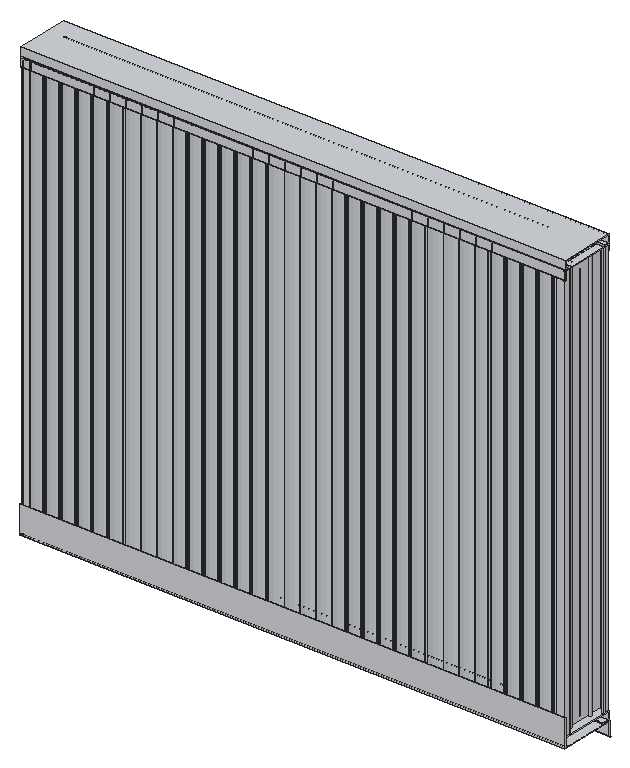
Revit family
Parameters (values of type "00000-Air Balance-013009-Ver1-A667VWD")
  Blade Height = Height - (1 3/32" + 1")  # 45 29/32"
  Blade Array = (Width - (1" * 2)) / 1 3/4"  # 33
  URL = "www.awv.com"
  OmniClass Table 23 Title = "Exterior Louvers and Grilles"
  OmniClass Table 23 Code = "23-30 60 11 17"
  Model = "A62"
  Manufacturer = "Air Balance"
  Height = 48"
  Description = "Stationary Louver"
  Default Sill Height = 36"
  Wall Closure = (empty or 0)
  Width = 60"
  Assembly Code = ""
Reference planes (in)
  plane 1 "Center (Front/Back)": y = 0
  plane 2: z = 0
  plane 3 "Center (Left/Right)": x = 0
  plane 4 "Left": x = -30
  plane 5 "Right": x = 30
  plane 6 "Sill": z = 36
  plane 7 "Top": z = 84
  plane 8: z = 37
  plane 9: z = 82.921
  plane 10: y = 3
  plane 11: y = 2.90046
  plane 12: x = -29
  plane 13: x = 29
Forms (in)
  Sweep 1, solid
    path in 3D
      loop
        line (-30, 3, 82.921) -> (-30, 3, 37)
    profile origin (-30, 3, 59.9605) x (1, 0, 0) y (0, 1, 0)
      loop
        arc (0.922, -1.47946) -> (0.63824, -1.54989) -> (0.72795, -1.82816) r 0.2
        arc (0.72795, -1.82816) -> (0.75335, -1.82822) -> (0.76968, -1.80877) r 0.03
        line (0.76968, -1.80877) -> (0.77787, -1.77824)
        arc (0.77787, -1.77824) -> (0.77635, -1.75839) -> (0.76273, -1.74386) r 0.03
        arc (0.76273, -1.74386) -> (0.75643, -1.55398) -> (0.922, -1.64715) r 0.109
        line (0.922, -1.64715) -> (0.922, -4.35285)
        arc (0.922, -4.35285) -> (0.75643, -4.44602) -> (0.76273, -4.25614) r 0.109
        arc (0.76273, -4.25614) -> (0.77635, -4.24161) -> (0.77787, -4.22176) r 0.03
        line (0.77787, -4.22176) -> (0.76968, -4.19123)
        arc (0.76968, -4.19123) -> (0.75335, -4.17178) -> (0.72795, -4.17184) r 0.03
        arc (0.72795, -4.17184) -> (0.63824, -4.45011) -> (0.922, -4.52054) r 0.2
        line (0.922, -4.52054) -> (0.922, -5.8825) -> (0.203, -5.8825) -> (0.203, -5.3355) -> (0, -5.3355) -> (0, -5.4135) -> (0.125, -5.4135) -> (0.125, -5.9605) -> (1, -5.9605) -> (1, -0.0395) -> (0.125, -0.0395) -> (0.125, -0.5865) -> (0, -0.5865) -> (0, -0.6645) -> (0.203, -0.6645) -> (0.203, -0.1175) -> (0.922, -0.1175) -> (0.922, -1.47946)
  Sweep 2, solid
    path in 3D
      loop
        line (30, 3, 37) -> (30, 3, 82.921)
    profile origin (30, 3, 59.9605) x (0, 1, 0) y (-1, 0, 0)
      loop
        line (-1.47946, 0.922) -> (-0.1175, 0.922) -> (-0.1175, 0.203) -> (-0.6645, 0.203) -> (-0.6645, 0) -> (-0.5865, 0) -> (-0.5865, 0.125) -> (-0.0395, 0.125) -> (-0.0395, 1) -> (-5.9605, 1) -> (-5.9605, 0.125) -> (-5.4135, 0.125) -> (-5.4135, 0) -> (-5.3355, 0) -> (-5.3355, 0.203) -> (-5.8825, 0.203) -> (-5.8825, 0.922) -> (-4.52054, 0.922)
        arc (-4.52054, 0.922) -> (-4.45011, 0.63824) -> (-4.17184, 0.72795) r 0.2
        arc (-4.17184, 0.72795) -> (-4.17178, 0.75335) -> (-4.19123, 0.76968) r 0.03
        line (-4.19123, 0.76968) -> (-4.22176, 0.77787)
        arc (-4.22176, 0.77787) -> (-4.24161, 0.77635) -> (-4.25614, 0.76273) r 0.03
        arc (-4.25614, 0.76273) -> (-4.44602, 0.75643) -> (-4.35285, 0.922) r 0.109
        line (-4.35285, 0.922) -> (-1.64715, 0.922)
        arc (-1.64715, 0.922) -> (-1.55398, 0.75643) -> (-1.74386, 0.76273) r 0.109
        arc (-1.74386, 0.76273) -> (-1.75839, 0.77635) -> (-1.77824, 0.77787) r 0.03
        line (-1.77824, 0.77787) -> (-1.80877, 0.76968)
        arc (-1.80877, 0.76968) -> (-1.82822, 0.75335) -> (-1.82816, 0.72795) r 0.03
        arc (-1.82816, 0.72795) -> (-1.54989, 0.63824) -> (-1.47946, 0.922) r 0.2
  Sweep 3, solid
    path in 3D
      loop
        line (-30, 3, 36) -> (30, 3, 36)
    profile origin (0, 3, 36) x (0, 1, 0) y (0, 0, 1)
      loop
        line (-0.066, 0.921) -> (-0.066, 0.158) -> (-0.785, 0.158)
        arc (-0.785, 0.158) -> (-0.80692, 0.14892) -> (-0.816, 0.127) r 0.031
        line (-0.816, 0.127) -> (-0.816, 0.0385)
        arc (-0.816, 0.0385) -> (-0.7775, 0) -> (-0.739, 0.0385) r 0.0385
        line (-0.739, 0.0385) -> (-0.739, 0.081) -> (-0.019, 0.081)
        arc (-0.019, 0.081) -> (0.00221, 0.08979) -> (0.011, 0.111) r 0.03
        line (0.011, 0.111) -> (0.011, 0.97)
        arc (0.011, 0.97) -> (0.00221, 0.99121) -> (-0.019, 1) r 0.03
        line (-0.019, 1) -> (-5.894, 1) -> (-5.894, 2.50002) -> (-5.989, 2.50002) -> (-5.989, 0.03)
        arc (-5.989, 0.03) -> (-5.98021, 0.00879) -> (-5.959, 0) r 0.03
        line (-5.959, 0) -> (-5.852, 0)
        arc (-5.852, 0) -> (-5.827, 0.025) -> (-5.852, 0.05) r 0.025
        line (-5.852, 0.05) -> (-5.894, 0.05) -> (-5.894, 0.921) -> (-0.066, 0.921)
  Sweep 4, solid
    path in 3D
      loop
        line (-30, 3, 36) -> (30, 3, 36)
    profile origin (0, 3, 36) x (0, 1, 0) y (0, 0, 1)
      loop
        line (0.06, -1.5) -> (0.06, 0) -> (-6, 0) -> (-6, 2.94) -> (-6.06, 2.94) -> (-6.06, -0.06) -> (0, -0.06) -> (0, -1.52485) -> (0.19435, -1.7192) -> (0.23678, -1.67678) -> (0.06, -1.5)
  Sweep 5, solid
    path in 3D
      loop
        line (30, 3, 84) -> (-30, 3, 84)
    profile origin (0, 3, 84) x (0, 1, 0) y (0, 0, -1)
      loop
        line (0, 0.875) -> (-0.547, 0.875) -> (-0.547, 1) -> (-0.625, 1) -> (-0.625, 0.797) -> (-0.078, 0.797) -> (-0.078, 0.078) -> (-5.922, 0.078) -> (-5.922, 0.797) -> (-5.375, 0.797) -> (-5.375, 1) -> (-5.453, 1) -> (-5.453, 0.875) -> (-6, 0.875) -> (-6, 0) -> (0, 0) -> (0, 0.875)
  Sweep 6, solid
    path in 3D
      loop
        line (30, 3, 84) -> (-30, 3, 84)
    profile origin (0, 3, 84) x (0, 1, 0) y (0, 0, -1)
      loop
        line (0.027, 1.03) -> (0.027, 1.5855)
        arc (0.027, 1.5855) -> (-0.0125, 1.625) -> (-0.052, 1.5855) r 0.0395
        line (-0.052, 1.5855) -> (-0.052, 1.079) -> (-5.894, 1.079) -> (-5.894, 1.9605)
        arc (-5.894, 1.9605) -> (-5.9335, 2) -> (-5.973, 1.9605) r 0.0395
        line (-5.973, 1.9605) -> (-5.973, 1.03)
        arc (-5.973, 1.03) -> (-5.96421, 1.00879) -> (-5.943, 1) r 0.03
        line (-5.943, 1) -> (-0.003, 1)
        arc (-0.003, 1) -> (0.01821, 1.00879) -> (0.027, 1.03) r 0.03
Lines and regions (in)
  Opening 1
    outline origin (-60, -3, 0) x (1, 0, 0) y (0, 0, 1)
      loop
        line (30, 84) -> (30, 36) -> (90, 36) -> (90, 84) -> (30, 84)
  sketch lines
    curve 1: line (-30, 3, 82.921) -> (-30, 3, 37)
    curve 2: line (30, 3, 37) -> (30, 3, 82.921)
    curve 3: line (-30, 3, 36) -> (30, 3, 36)
    curve 4: line (-30, 3, 36) -> (30, 3, 36)
    curve 5: line (30, 3, 84) -> (-30, 3, 84)
    curve 6: line (30, 3, 84) -> (-30, 3, 84)
Text (in)
  text "EXTERIOR" at (-58.6888, 50.90694, 0), in view "Ref. Level"
  text "INTERIOR" at (-58.6888, -37.76638, 0), in view "Ref. Level"
  text "Exterior" at (0, 43.65631, 123.19604), in view "Left"
  text "Exterior" at (0, 18.29385, 125.04747), in view "Right"
Dimensions and locks (in)
  equal spacing: plane 4 "Left", plane 3 "Center (Left/Right)", plane 5 "Right"
  "Width": plane 4 "Left" to plane 5 "Right"
  "Height": plane 6 "Sill" to plane 7 "Top"
  "Default Sill Height": plane 2 to plane 6 "Sill"
  plane 4 "Left" to plane 5 "Right" = 60"
  locked: plane 9 to plane 7 "Top" at 1.079
  locked: plane 6 "Sill" to plane 8 at 1
  locked: plane 10 to host wall
  locked: plane 4 "Left" to plane 12 at 1
  locked: plane 13 to plane 5 "Right" at 1
  locked: plane 10 to plane 11 at 0.09954
  equal spacing: group 1, group 2, group 3, group 4, group 5, group 6, group 7, group 8, group 9, group 10, group 11, group 12, group 13, group 14, group 15, group 16, group 17, group 18, group 19, group 20, group 21, group 22, group 23, group 24, group 25, group 26, group 27, group 28, group 29, group 30, group 31, group 32, group 33  (x3)
  aligned and locked: plane 7 "Top" to Opening 1 sketch curve
  aligned and locked: plane 6 "Sill" to Opening 1 sketch curve  (x2)
  aligned and locked: plane 5 "Right" to Opening 1 sketch curve
  aligned and locked: plane 4 "Left" to Opening 1 sketch curve
  aligned and locked: nested 1 to plane 11
  aligned and locked: plane 12 to nested 1
  aligned and locked: nested 2 to nested 1
  aligned and locked: nested 2 to plane 11
  aligned and locked: plane 9 to nested 1
  aligned and locked: plane 9 to nested 2
Automatic sketch dimensions
  Sweep 1 sketch curve to Sweep 1 sketch curve = 0"  (x8)
  Sweep 1 sketch curve to profile plane = 0"  (x2)
  profile plane to Sweep 1 sketch curve = 1/8"  (x2)
  Sweep 1 sketch curve to Sweep 1 sketch curve = 0.078"  (x6)
  profile plane to Sweep 1 sketch curve = 0.72795"  (x2)
  Sweep 1 sketch curve to Sweep 1 sketch curve = 0.01276"  (x2)
  Sweep 1 sketch curve to Sweep 1 sketch curve = 0.00818"  (x2)
  Sweep 1 sketch curve to Sweep 1 sketch curve = 0.01384"  (x2)
  Sweep 1 sketch curve to Sweep 1 sketch curve = 0.02898"  (x4)
  Sweep 1 sketch curve to Sweep 1 sketch curve = 0.05027"  (x2)
  Sweep 1 sketch curve to Sweep 1 sketch curve = 0.109"
  profile plane to Sweep 1 sketch curve = 0.1175"
  Sweep 1 sketch curve to Sweep 1 sketch curve = 0.719"  (x2)
  Sweep 1 sketch curve to Sweep 1 sketch curve = 0.469"
  Sweep 1 sketch curve to Sweep 1 sketch curve = 0.81496"  (x2)
  Sweep 1 sketch curve to Sweep 1 sketch curve = 0.16769"
  Sweep 1 sketch curve to Sweep 1 sketch curve = 2.34368"
  Sweep 1 sketch curve to Sweep 1 sketch curve = 0.01939"
  Sweep 1 sketch curve to Sweep 1 sketch curve = 0.547"
  profile plane to Sweep 1 sketch curve = 0.0395"
  Sweep 2 sketch curve to Sweep 2 sketch curve = 0"  (x8)
  Sweep 2 sketch curve to profile plane = 0"  (x2)
  profile plane to Sweep 2 sketch curve = 1/8"
  profile plane to Sweep 2 sketch curve = 5.9605"
  Sweep 2 sketch curve to Sweep 2 sketch curve = 0.078"  (x6)
  Sweep 2 sketch curve to Sweep 2 sketch curve = 0.469"
  Sweep 2 sketch curve to Sweep 2 sketch curve = 0.81496"
  Sweep 2 sketch curve to Sweep 2 sketch curve = 0.16769"  (x2)
  Sweep 2 sketch curve to Sweep 2 sketch curve = 0.09671"  (x2)
  Sweep 2 sketch curve to Sweep 2 sketch curve = 0.02662"  (x2)
  Sweep 2 sketch curve to Sweep 2 sketch curve = 0.00777"  (x4)
  Sweep 2 sketch curve to Sweep 2 sketch curve = 0.03053"  (x2)
  Sweep 2 sketch curve to Sweep 2 sketch curve = 0.02715"
  profile plane to Sweep 2 sketch curve = 0.72795"
  profile plane to Sweep 2 sketch curve = 1.82816"
  profile plane to Sweep 2 sketch curve = 0.76968"
  Sweep 2 sketch curve to Sweep 2 sketch curve = 0.01939"
  profile plane to Sweep 2 sketch curve = 0.77787"
  profile plane to Sweep 2 sketch curve = 0.203"
  profile plane to Sweep 2 sketch curve = 0.6645"
  profile plane to Sweep 2 sketch curve = 0.1175"
  profile plane to Sweep 2 sketch curve = 0.0395"
  Sweep 2 sketch curve to Sweep 2 sketch curve = 0.19405"
  Sweep 2 sketch curve to Sweep 2 sketch curve = 0.01276"
  Sweep 3 sketch curve to profile plane = 0"
  profile plane to Sweep 3 sketch curve = 2.50002"
  profile plane to Sweep 3 sketch curve = 5.989"
  Sweep 3 sketch curve to Sweep 3 sketch curve = 0.03"
  Sweep 3 sketch curve to Sweep 3 sketch curve = 0.065"
  Sweep 3 sketch curve to Sweep 3 sketch curve = 0.095"
  Sweep 3 sketch curve to Sweep 3 sketch curve = 0.042"
  profile plane to Sweep 3 sketch curve = 0.0385"
  profile plane to Sweep 3 sketch curve = 0.816"
  Sweep 3 sketch curve to Sweep 3 sketch curve = 0.031"
  Sweep 3 sketch curve to Sweep 3 sketch curve = 0.0385"
  profile plane to Sweep 3 sketch curve = 0.066"
  profile plane to Sweep 3 sketch curve = 0.019"  (x2)
  Sweep 3 sketch curve to profile plane = 0.011"
  Sweep 3 sketch curve to Sweep 3 sketch curve = 0.025"
  Sweep 3 sketch curve to Sweep 3 sketch curve = 0.0425"
  Sweep 3 sketch curve to Sweep 3 sketch curve = 0.0885"
  Sweep 3 sketch curve to Sweep 3 sketch curve = 0.871"
  Sweep 3 sketch curve to Sweep 3 sketch curve = 0.049"
  profile plane to Sweep 4 sketch curve = 6.06"
  Sweep 4 sketch curve to Sweep 4 sketch curve = 0"
  Sweep 4 sketch curve to Sweep 4 sketch curve = 0.06"  (x5)
  profile plane to Sweep 4 sketch curve = 0"
  Sweep 4 sketch curve to profile plane = 0"
  Sweep 4 sketch curve to Sweep 4 sketch curve = 0.13435"
  Sweep 4 sketch curve to Sweep 4 sketch curve = 0.04243"  (x2)
  Sweep 4 sketch curve to profile plane = 1.7192"
  Sweep 4 sketch curve to Sweep 4 sketch curve = 1 119/256"
  Sweep 4 sketch curve to Sweep 4 sketch curve = 2.94"
  profile plane to Sweep 5 sketch curve = 6"
  Sweep 5 sketch curve to Sweep 5 sketch curve = 0.078"  (x7)
  Sweep 5 sketch curve to Sweep 5 sketch curve = 0.469"  (x2)
  Sweep 5 sketch curve to Sweep 5 sketch curve = 4 3/4"
  profile plane to Sweep 5 sketch curve = 0"
  Sweep 5 sketch curve to Sweep 5 sketch curve = 0.719"  (x2)
  Sweep 5 sketch curve to Sweep 5 sketch curve = 1/8"  (x2)
  profile plane to Sweep 6 sketch curve = 1.9605"
  profile plane to Sweep 6 sketch curve = 5.973"
  Sweep 6 sketch curve to Sweep 6 sketch curve = 0.03"
  Sweep 6 sketch curve to Sweep 6 sketch curve = 0.0395"
  profile plane to Sweep 6 sketch curve = 0.052"
  profile plane to Sweep 6 sketch curve = 0.0125"
  profile plane to Sweep 6 sketch curve = 0.003"
  profile plane to Sweep 6 sketch curve = 1.5855"
  Sweep 6 sketch curve to Sweep 6 sketch curve = 0.8815"
  Sweep 6 sketch curve to Sweep 6 sketch curve = 0.049"
Nested families (in)
  nested 1: "AA667VWD LOUVER" at (-29, 2.90046, 37.01475), Width <- "Blade Height", type "Family3"
    with Width 45 29/32", Blade Material none
  nested 2: "AA667VWD LOUVER" at (-27.24999, 2.90046, 37.01475), Width <- "Blade Height", type "Family3"
    with Width 45 29/32", Blade Material none
  nested 3: "AA667VWD LOUVER" at (-25.49997, 2.90046, 37.01475), Width <- "Blade Height", type "Family3"
    with Width 45 29/32", Blade Material none
  nested 4: "AA667VWD LOUVER" at (-23.74996, 2.90046, 37.01475), Width <- "Blade Height", type "Family3"
    with Width 45 29/32", Blade Material none
  nested 5: "AA667VWD LOUVER" at (-21.99994, 2.90046, 37.01475), Width <- "Blade Height", type "Family3"
    with Width 45 29/32", Blade Material none
  nested 6: "AA667VWD LOUVER" at (-20.24993, 2.90046, 37.01475), Width <- "Blade Height", type "Family3"
    with Width 45 29/32", Blade Material none
  nested 7: "AA667VWD LOUVER" at (-18.49992, 2.90046, 37.01475), Width <- "Blade Height", type "Family3"
    with Width 45 29/32", Blade Material none
  nested 8: "AA667VWD LOUVER" at (-16.7499, 2.90046, 37.01475), Width <- "Blade Height", type "Family3"
    with Width 45 29/32", Blade Material none
  nested 9: "AA667VWD LOUVER" at (-14.99989, 2.90046, 37.01475), Width <- "Blade Height", type "Family3"
    with Width 45 29/32", Blade Material none
  nested 10: "AA667VWD LOUVER" at (-13.24987, 2.90046, 37.01475), Width <- "Blade Height", type "Family3"
    with Width 45 29/32", Blade Material none
  nested 11: "AA667VWD LOUVER" at (-11.49986, 2.90046, 37.01475), Width <- "Blade Height", type "Family3"
    with Width 45 29/32", Blade Material none
  nested 12: "AA667VWD LOUVER" at (-9.74985, 2.90046, 37.01475), Width <- "Blade Height", type "Family3"
    with Width 45 29/32", Blade Material none
  nested 13: "AA667VWD LOUVER" at (-7.99983, 2.90046, 37.01475), Width <- "Blade Height", type "Family3"
    with Width 45 29/32", Blade Material none
  nested 14: "AA667VWD LOUVER" at (-6.24982, 2.90046, 37.01475), Width <- "Blade Height", type "Family3"
    with Width 45 29/32", Blade Material none
  nested 15: "AA667VWD LOUVER" at (-4.4998, 2.90046, 37.01475), Width <- "Blade Height", type "Family3"
    with Width 45 29/32", Blade Material none
  nested 16: "AA667VWD LOUVER" at (-2.74979, 2.90046, 37.01475), Width <- "Blade Height", type "Family3"
    with Width 45 29/32", Blade Material none
  nested 17: "AA667VWD LOUVER" at (-0.99978, 2.90046, 37.01475), Width <- "Blade Height", type "Family3"
    with Width 45 29/32", Blade Material none
  nested 18: "AA667VWD LOUVER" at (0.75024, 2.90046, 37.01475), Width <- "Blade Height", type "Family3"
    with Width 45 29/32", Blade Material none
  nested 19: "AA667VWD LOUVER" at (2.50025, 2.90046, 37.01475), Width <- "Blade Height", type "Family3"
    with Width 45 29/32", Blade Material none
  nested 20: "AA667VWD LOUVER" at (4.25027, 2.90046, 37.01475), Width <- "Blade Height", type "Family3"
    with Width 45 29/32", Blade Material none
  nested 21: "AA667VWD LOUVER" at (6.00028, 2.90046, 37.01475), Width <- "Blade Height", type "Family3"
    with Width 45 29/32", Blade Material none
  nested 22: "AA667VWD LOUVER" at (7.75029, 2.90046, 37.01475), Width <- "Blade Height", type "Family3"
    with Width 45 29/32", Blade Material none
  nested 23: "AA667VWD LOUVER" at (9.50031, 2.90046, 37.01475), Width <- "Blade Height", type "Family3"
    with Width 45 29/32", Blade Material none
  nested 24: "AA667VWD LOUVER" at (11.25032, 2.90046, 37.01475), Width <- "Blade Height", type "Family3"
    with Width 45 29/32", Blade Material none
  nested 25: "AA667VWD LOUVER" at (13.00033, 2.90046, 37.01475), Width <- "Blade Height", type "Family3"
    with Width 45 29/32", Blade Material none
  nested 26: "AA667VWD LOUVER" at (14.75035, 2.90046, 37.01475), Width <- "Blade Height", type "Family3"
    with Width 45 29/32", Blade Material none
  nested 27: "AA667VWD LOUVER" at (16.50036, 2.90046, 37.01475), Width <- "Blade Height", type "Family3"
    with Width 45 29/32", Blade Material none
  nested 28: "AA667VWD LOUVER" at (18.25038, 2.90046, 37.01475), Width <- "Blade Height", type "Family3"
    with Width 45 29/32", Blade Material none
  nested 29: "AA667VWD LOUVER" at (20.00039, 2.90046, 37.01475), Width <- "Blade Height", type "Family3"
    with Width 45 29/32", Blade Material none
  nested 30: "AA667VWD LOUVER" at (21.7504, 2.90046, 37.01475), Width <- "Blade Height", type "Family3"
    with Width 45 29/32", Blade Material none
  nested 31: "AA667VWD LOUVER" at (23.50042, 2.90046, 37.01475), Width <- "Blade Height", type "Family3"
    with Width 45 29/32", Blade Material none
  nested 32: "AA667VWD LOUVER" at (25.25043, 2.90046, 37.01475), Width <- "Blade Height", type "Family3"
    with Width 45 29/32", Blade Material none
  nested 33: "AA667VWD LOUVER" at (27.00045, 2.90046, 37.01475), Width <- "Blade Height", type "Family3"
    with Width 45 29/32", Blade Material none
Definition of nested family "AA667VWD LOUVER"
  Parameters (values of type "Family3")
    Width [instance] = 34 1/4"
    Blade Material [instance] = none
    Assembly Code = ""
  Reference planes (in)
    plane 1 "Center (Front/Back)": y = 0
    plane 2: z = 0
    plane 3 "Center (Left/Right)": x = 0
    plane 4: z = 0
    plane 5: z = 34.25
    plane 6: z = 17.125
    plane 7: y = 5.824
    plane 8: x = 1.75001
  Forms (in)
    Extrusion 1, solid, material <- "Blade Material"
      sketch origin (75.07464, -2.42688, 17.125) x (0, 1, 0) y (-1, 0, 0)
        loop
          line (6.86102, 74.79134) -> (6.83291, 74.80622)
          arc (6.83291, 74.80622) -> (6.67673, 74.92836) -> (6.54288, 74.7821) r 0.14595
          arc (6.54288, 74.7821) -> (6.58193, 74.74315) -> (6.62088, 74.7822) r 0.039
          arc (6.62088, 74.7822) -> (6.72497, 74.84209) -> (6.72048, 74.72209) r 0.06863
          arc (6.72048, 74.72209) -> (6.22278, 74.39592) -> (5.79714, 73.98007) r 3.078
          arc (5.79714, 73.98007) -> (5.09973, 73.65541) -> (4.40179, 73.97895) r 0.91297
          arc (4.40179, 73.97895) -> (3.59655, 74.67043) -> (2.61513, 75.07464) r 3.343
          line (2.61513, 75.07464) -> (2.42688, 75.07464) -> (2.42688, 74.99664) -> (2.60612, 74.99664)
          arc (2.60612, 74.99664) -> (3.36741, 74.71104) -> (4.03451, 74.24619) r 3.265
          arc (4.03451, 74.24619) -> (4.00951, 74.13072) -> (3.92256, 74.21071) r 0.06808
          arc (3.92256, 74.21071) -> (3.89309, 74.25735) -> (3.84645, 74.22788) r 0.03901
          arc (3.84645, 74.22788) -> (3.93974, 74.05828) -> (4.11939, 74.13032) r 0.146
          line (4.11939, 74.13032) -> (4.15661, 74.13032)
          arc (4.15661, 74.13032) -> (4.25153, 74.03141) -> (4.34221, 73.92861) r 3.265
          arc (4.34221, 73.92861) -> (4.73683, 73.64597) -> (5.21834, 73.58464) r 0.991
          arc (5.21834, 73.58464) -> (5.23822, 73.57452) -> (5.23637, 73.55229) r 0.02
          arc (5.23637, 73.55229) -> (4.99507, 73.4088) -> (4.71902, 73.45985) r 0.39881
          arc (4.71902, 73.45985) -> (4.66548, 73.44658) -> (4.67875, 73.39305) r 0.039
          arc (4.67875, 73.39305) -> (5.02089, 73.33439) -> (5.31217, 73.5232) r 0.47696
          arc (5.31217, 73.5232) -> (5.38435, 73.59869) -> (5.47455, 73.65135) r 0.375
          arc (5.47455, 73.65135) -> (5.68253, 73.76745) -> (5.8568, 73.92983) r 0.991
          arc (5.8568, 73.92983) -> (6.9314, 74.7376) -> (8.25088, 74.99498) r 3
          line (8.25088, 74.99498) -> (8.25088, 75.07302)
          arc (8.25088, 75.07302) -> (7.53951, 75.01331) -> (6.86102, 74.79134) r 3.078
      from -17.125 to 17.125
  Dimensions and locks (in)
    "Width": plane 4 to plane 5
    equal spacing: plane 5, plane 6, plane 4
    aligned and locked: plane 4 to Extrusion 1
    aligned and locked: Extrusion 1 to plane 5
  Automatic sketch dimensions
    Extrusion 1 sketch curve to Extrusion 1 sketch curve = 0"  (x26)
    plane 1 "Center (Front/Back)" to Extrusion 1 sketch curve = 0.57803"
    Extrusion 1 sketch curve to Extrusion 1 sketch curve = 0.00003"  (x3)
    Extrusion 1 sketch curve to plane 1 "Center (Front/Back)" = 0"
    Extrusion 1 sketch curve to Extrusion 1 sketch curve = 0.17924"
    Extrusion 1 sketch curve to Extrusion 1 sketch curve = 0.009"
    Extrusion 1 sketch curve to Extrusion 1 sketch curve = 1.24033"
    Extrusion 1 sketch curve to Extrusion 1 sketch curve = 0.03805"  (x2)
    Extrusion 1 sketch curve to Extrusion 1 sketch curve = 0.06632"
    Extrusion 1 sketch curve to Extrusion 1 sketch curve = 0.00007"
    Extrusion 1 sketch curve to Extrusion 1 sketch curve = 0.04564"
    Extrusion 1 sketch curve to Extrusion 1 sketch curve = 0.08488"
    Extrusion 1 sketch curve to Extrusion 1 sketch curve = 0.03722"
    Extrusion 1 sketch curve to Extrusion 1 sketch curve = 0.1856"
    Extrusion 1 sketch curve to Extrusion 1 sketch curve = 0.05958"
    Extrusion 1 sketch curve to Extrusion 1 sketch curve = 0.33654"
    Extrusion 1 sketch curve to Extrusion 1 sketch curve = 0.02013"
    Extrusion 1 sketch curve to Extrusion 1 sketch curve = 0.02014"
    Extrusion 1 sketch curve to Extrusion 1 sketch curve = 0.20588"
    Extrusion 1 sketch curve to Extrusion 1 sketch curve = 0.1741"
    Extrusion 1 sketch curve to Extrusion 1 sketch curve = 0.29342"
    Extrusion 1 sketch curve to Extrusion 1 sketch curve = 0.00241"
    Extrusion 1 sketch curve to Extrusion 1 sketch curve = 1/64"
    Extrusion 1 sketch curve to Extrusion 1 sketch curve = 0.07581"
    Extrusion 1 sketch curve to Extrusion 1 sketch curve = 0.16238"
    Extrusion 1 sketch curve to Extrusion 1 sketch curve = 0.14211"
    Extrusion 1 sketch curve to Extrusion 1 sketch curve = 0.32259"
    Extrusion 1 sketch curve to Extrusion 1 sketch curve = 0.05966"
    Extrusion 1 sketch curve to Extrusion 1 sketch curve = 0.68608"
    Extrusion 1 sketch curve to Extrusion 1 sketch curve = 0.039"  (x2)
    Extrusion 1 sketch curve to Extrusion 1 sketch curve = 0.06795"
    Extrusion 1 sketch curve to Extrusion 1 sketch curve = 0.00067"
    Extrusion 1 sketch curve to Extrusion 1 sketch curve = 0.03165"
    Extrusion 1 sketch curve to Extrusion 1 sketch curve = 0.11243"
    Extrusion 1 sketch curve to Extrusion 1 sketch curve = 0.02811"
    Extrusion 1 sketch curve to Extrusion 1 sketch curve = 2.53421"
    Extrusion 1 sketch curve to Extrusion 1 sketch curve = 1.38986"
    Extrusion 1 sketch curve to Extrusion 1 sketch curve = 0.06529"
    Extrusion 1 sketch curve to Extrusion 1 sketch curve = 0.06001"
    Extrusion 1 sketch curve to Extrusion 1 sketch curve = 0.00005"
    Extrusion 1 sketch curve to Extrusion 1 sketch curve = 0.00042"
    Extrusion 1 sketch curve to Extrusion 1 sketch curve = 0.01488"
    plane 3 "Center (Left/Right)" to Extrusion 1 sketch curve = 3.254"
